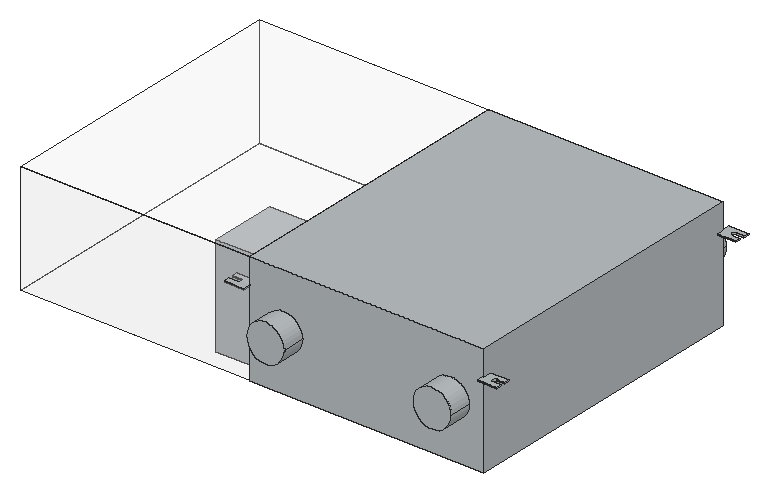
Revit family "lgh-n15_100rxw2_rxv2(d)_60Hz", category 機械設備, Revit 2019
Family settings
  丸型コネクタ寸法 = 直径を使用
  パーツ タイプ = 標準
  OmniClass 番号 = 23.75.10.34.21
  OmniClass タイトル = Heat Exchangers for Ventilation Air
  作業面ベース = いいえ
  常に垂直 = はい
  ロード時にボイドで切り取り = いいえ
  共有 = いいえ
  部屋計算ポイント = はい
Parameters (values of type "LGH-N15RXW2_100V")
  騒音レベル(dB(A)) = 31
  風量 = SMAX風量  # 150.0 m³/h
  面風速 = 5.31 m/s
  電源種別 [instance] = "一般"
  電圧 = 100 V
  電動機出力 = 0 W
  集中コントローラ = ""
  運転質量 = 0.00 kg
  連動 [instance] = ""
  質量 = if(製品質量 > 運転質量, 製品質量, 運転質量) * 1.2  # 26.40 kg
  負荷分類 = 3_ファン類
  説明 = "業務用ロスナイ 天井埋込形 DCマイコン"
  設計風量 = SMAX風量  # 150.0 m³/h
  設置方法 = "天井吊(隠ぺい)形"
  記号 [instance] = ""
  製造元 = "MITSIBISHI ELECTRIC"
  製品質量 = 22.00 kg
  製品出荷対象 = "国内"
  製品リリース年月 = "2023/5/15"
  製品グループ = ""
  系統 [instance] = ""
  符号 = "HEU"
  積算_科目 = "1 空気調和設備"
  積算_拾い区分 [instance] = ""
  相 = 1
  盤記号 [instance] = ""
  発停方法 [instance] = ""
  特殊仕様 [instance] = ""
  点検口高さ = -Height  # -290 mm
  点検口離隔 = 150 mm
  点検口_Depth = 450 mm
  点検口 = yes
  火災停止 [instance] = ""
  温度交換効率 = 74.00%
  消費電力 = 85 W
  法定耐用年数 = "15"
  機外静圧_排気 = SMAX静圧  # 210.0 Pa
  機外静圧 = SMAX静圧  # 210.0 Pa
  極数 = 2
  材質 [instance] = ""
  本体マテリアル = 溶融亜鉛めっき鋼板
  操作・制御方式 = ""
  操作・制御スイッチ = ""
  排気量 = SMAX風量  # 150.0 m³/h
  形式 = "天井埋込ダクト形"
  幹線記号 [instance] = ""
  対象室 [instance] = ""
  実風量 = SMAX風量  # 150.0 m³/h
  始動方式 [instance] = "直入"
  天吊金具_径 = 13 mm
  天吊金具_幅 = 20 mm
  外気量 = SMAX風量  # 150.0 m³/h
  呼称 = "全熱交換ユニット"
  周波数 = 60 Hz
  天吊金具ピッチ2 = 780 mm
  天吊金具ピッチ1 = 670 mm
  天吊金具_高さ = 65 mm
  参照している仕様書等のバージョン = "公共建築物標準仕様書（機械設備工事編）平成31年度版"
  初期抵抗 = 0.0 Pa
  分類コード = "50052504100070"
  分類グループ = ""
  価格 = 360000
  企業コード = "108420"
  付属品_フィルター_還気 = ""
  付属品_フィルター = ""
  付属品 [instance] = ""
  仕様書バージョン = "Version1.0"
  モデル = "LGH-N15RXW2"
  メンテナンススペース = yes
  ダクト径 = 100 mm
  コメント [instance] = ""
  Keynote = ""
  エンタルピ交換効率_暖房 = 75.50%
  エンタルピ交換効率_冷房 = 64.50%
  Assembly Code = ""
  Width = 610 mm
  Version = ""
  Uniclass2015Version = "Systems v1.9"
  Uniclass2015Title = "Thermal wheels"
  Uniclass2015Code = "Pr_60_60_36_88"
  URL = "https://www.mitsubishielectric.co.jp/ldg/wink/qr/002/324415/"
  SpecificationReference = ""
  SpecificationDescription = ""
  SMAX風量 = 150.0 m³/h
  SMAX静圧 = 210.0 Pa
  SAサイズ_D = 97.5 mm
  Revision = ""
  RAサイズ_D = 97.5 mm
  ProductInformation = ""
  OmniClassCode = "23-27 23 19 11"
  OAダクト接続口方向_標準 = yes
  OAダクト接続口方向_変更 = not(OAダクト接続口方向_標準)  # no
  OAサイズ_W = 0 mm
  OAサイズ_D = 97.5 mm
  MIN風量 = 66.0 m³/h
  MIN静圧 = 35.0 Pa
  MID風量 = 108.0 m³/h
  MID静圧 = 93.0 Pa
  MAX風量 = 150.0 m³/h
  MAX静圧 = 180.0 Pa
  IfcTypeProduct = ""
  IfcProduct = ""
  IfcExportType = "ROTARYWHEEL"
  IfcExportAs = "IfcAirToAirHeatRecoveryType"
  Height = 290 mm
  EAダクト接続口方向_変更 = not(EAダクト接続口方向_標準)  # no
  EAダクト接続口方向_標準 = yes
  EAサイズ_W = 0 mm
  EAサイズ_D = 97.5 mm
  Duct_Pitch = 435 mm
  Duct_Height = 145 mm
  Duct_Depth = 59 mm
  DuctChange_Center = 118 mm
  Depth = 780 mm
  Clearance Top = 0 mm
  Clearance Left = 600 mm
  Clearance Bottom = 0 mm
  Box_Width = 175 mm
  Box_Height = 261 mm
  Box_H = 15 mm
  Box_Depth = 115 mm
  Box_W = 33 mm
  Author = "MITSUBISHI ELECTRIC"
Types (14, lengths in mm): name | 騒音レベル(dB(A)) | 風量 | 面風速 | 電圧 | 質量 | 設計風量 | 製品質量 | 点検口高さ | 温度交換効率 | 消費電力 | 機外静圧_排気 | 機外静圧 | 極数 | 排気量 | 実風量 | 外気量 | 天吊金具ピッチ2 | 天吊金具ピッチ1 | 天吊金具_高さ | 参照している仕様書等のバージョン | 価格 | モデル | ダクト径 | エンタルピ交換効率_暖房 | エンタルピ交換効率_冷房 | Width | URL | SMAX風量 | SMAX静圧 | SAサイズ_D | RAサイズ_D | OAサイズ_D | MIN風量 | MIN静圧 | MID風量 | MID静圧 | MAX風量 | MAX静圧 | Height | EAサイズ_D | Duct_Pitch | Duct_Height | Duct_Depth | DuctChange_Center | Depth | Box_H | Box_W
  LGH-N15RXW2_100V | 31 | 150.0 m³/h | 5.31 m/s | 100 V | 26.40 kg | 150.0 m³/h | 22.00 kg | -290 | 74.00% | 85 W | 210.0 Pa | 210.0 Pa | 2 | 150.0 m³/h | 150.0 m³/h | 150.0 m³/h | 780 | 670 | 65 | "公共建築物標準仕様書（機械設備工事編）平成31年度版" | 360000 | "LGH-N15RXW2" | 100 | 75.50% | 64.50% | 610 | "https://www.mitsubishielectric.co.jp/ldg/wink/qr/002/324415/" | 150.0 m³/h | 210.0 Pa | 97.5 | 97.5 | 97.5 | 66.0 m³/h | 35.0 Pa | 108.0 m³/h | 93.0 Pa | 150.0 m³/h | 180.0 Pa | 290 | 97.5 | 435 | 145 | 59 | 118 | 780 | 15 | 33
  LGH-N15RXW2_200V | 31 | 150.0 m³/h | 5.31 m/s | 200 V | 26.40 kg | 150.0 m³/h | 22.00 kg | -290 | 74.00% | 85 W | 210.0 Pa | 210.0 Pa | 3 | 150.0 m³/h | 150.0 m³/h | 150.0 m³/h | 780 | 670 | 65 | "公共建築物標準仕様書（機械設備工事編）平成31年度版" | 360000 | "LGH-N15RXW2" | 100 | 75.50% | 64.50% | 610 | "https://www.mitsubishielectric.co.jp/ldg/wink/qr/002/324415/" | 150.0 m³/h | 210.0 Pa | 97.5 | 97.5 | 97.5 | 66.0 m³/h | 35.0 Pa | 108.0 m³/h | 93.0 Pa | 150.0 m³/h | 180.0 Pa | 290 | 97.5 | 435 | 145 | 59 | 118 | 780 | 15 | 33
  LGH-N25RXW2_100V | 30 | 250.0 m³/h | 3.93 m/s | 100 V | 27.60 kg | 250.0 m³/h | 23.00 kg | -290 | 70.00% | 110 W | 170.0 Pa | 170.0 Pa | 2 | 250.0 m³/h | 250.0 m³/h | 250.0 m³/h | 780 | 795 | 65 | "公共建築物標準仕様書（機械設備工事編）平成31年度版" | 392000 | "LGH-N25RXW2" | 150 | 73.00% | 63.00% | 735 | "https://www.mitsubishielectric.co.jp/ldg/wink/qr/002/324417/" | 250.0 m³/h | 170.0 Pa | 142 | 142 | 142 | 110.0 m³/h | 28.0 Pa | 180.0 m³/h | 75.0 Pa | 250.0 m³/h | 145.0 Pa | 290 | 142 | 520 | 145 | 69 | 118 | 780 | 15 | 33
  LGH-N25RXW2_200V | 30 | 250.0 m³/h | 3.93 m/s | 200 V | 27.60 kg | 250.0 m³/h | 23.00 kg | -290 | 70.00% | 110 W | 170.0 Pa | 170.0 Pa | 3 | 250.0 m³/h | 250.0 m³/h | 250.0 m³/h | 780 | 795 | 65 | "公共建築物標準仕様書（機械設備工事編）平成31年度版" | 392000 | "LGH-N25RXW2" | 150 | 73.00% | 63.00% | 735 | "https://www.mitsubishielectric.co.jp/ldg/wink/qr/002/324417/" | 250.0 m³/h | 170.0 Pa | 142 | 142 | 142 | 110.0 m³/h | 28.0 Pa | 180.0 m³/h | 75.0 Pa | 250.0 m³/h | 145.0 Pa | 290 | 142 | 520 | 145 | 69 | 118 | 780 | 15 | 33
  LGH-N35RXW2_100V | 33 | 350.0 m³/h | 5.5 m/s | 100 V | 38.40 kg | 350.0 m³/h | 32.00 kg | -330 | 71.50% | 210 W | 300.0 Pa | 300.0 Pa | 2 | 350.0 m³/h | 350.0 m³/h | 350.0 m³/h | 890 | 935 | 70 | "公共建築物標準仕様書（機械設備工事編）平成31年度版" | 432000 | "LGH-N35RXW2" | 150 | 74.50% | 65.50% | 875 | "https://www.mitsubishielectric.co.jp/ldg/wink/qr/002/324418/" | 350.0 m³/h | 300.0 Pa | 142 | 142 | 142 | 154.0 m³/h | 36.0 Pa | 252.0 m³/h | 96.0 Pa | 350.0 m³/h | 185.0 Pa | 330 | 142 | 600 | 165 | 69 | 140 | 890 | 23 | 68
  LGH-N35RXW2_200V | 33 | 350.0 m³/h | 5.5 m/s | 200 V | 38.40 kg | 350.0 m³/h | 32.00 kg | -330 | 71.50% | 210 W | 300.0 Pa | 300.0 Pa | 3 | 350.0 m³/h | 350.0 m³/h | 350.0 m³/h | 890 | 935 | 70 | "公共建築物標準仕様書（機械設備工事編）平成31年度版" | 432000 | "LGH-N35RXW2" | 150 | 74.50% | 65.50% | 875 | "https://www.mitsubishielectric.co.jp/ldg/wink/qr/002/324418/" | 350.0 m³/h | 300.0 Pa | 142 | 142 | 142 | 154.0 m³/h | 36.0 Pa | 252.0 m³/h | 96.0 Pa | 350.0 m³/h | 185.0 Pa | 330 | 142 | 600 | 165 | 69 | 140 | 890 | 23 | 68
  LGH-N50RXW2_100V | 37 | 500.0 m³/h | 4.42 m/s | 100 V | 43.20 kg | 500.0 m³/h | 36.00 kg | -330 | 71.00% | 315 W | 310.0 Pa | 310.0 Pa | 2 | 500.0 m³/h | 500.0 m³/h | 500.0 m³/h | 890 | 1080 | 70 | "公共建築物標準仕様書（機械設備工事編）平成31年度版" | 512000 | "LGH-N50RXW2" | 200 | 73.00% | 63.00% | 1020 | "https://www.mitsubishielectric.co.jp/ldg/wink/qr/002/324419/" | 500.0 m³/h | 310.0 Pa | 192 | 192 | 192 | 220.0 m³/h | 37.0 Pa | 360.0 m³/h | 98.0 Pa | 500.0 m³/h | 190.0 Pa | 330 | 192 | 700 | 165 | 84 | 130 | 890 | 23 | 68
  LGH-N50RXW2_200V | 37 | 500.0 m³/h | 4.42 m/s | 200 V | 43.20 kg | 500.0 m³/h | 36.00 kg | -330 | 71.00% | 315 W | 310.0 Pa | 310.0 Pa | 3 | 500.0 m³/h | 500.0 m³/h | 500.0 m³/h | 890 | 1080 | 70 | "公共建築物標準仕様書（機械設備工事編）平成31年度版" | 512000 | "LGH-N50RXW2" | 200 | 73.00% | 63.00% | 1020 | "https://www.mitsubishielectric.co.jp/ldg/wink/qr/002/324419/" | 500.0 m³/h | 310.0 Pa | 192 | 192 | 192 | 220.0 m³/h | 37.0 Pa | 360.0 m³/h | 98.0 Pa | 500.0 m³/h | 190.0 Pa | 330 | 192 | 700 | 165 | 84 | 130 | 890 | 23 | 68
  LGH-N65RXW2_100V | 40 | 650.0 m³/h | 5.75 m/s | 100 V | 50.40 kg | 650.0 m³/h | 42.00 kg | -404 | 71.50% | 445 W | 320.0 Pa | 320.0 Pa | 2 | 650.0 m³/h | 650.0 m³/h | 650.0 m³/h | 984 | 952 | 76 | "公共建築物標準仕様書（機械設備工事編）平成31年度版" | 588000 | "LGH-N65RXW2" | 200 | 72.00% | 63.00% | 892 | "https://www.mitsubishielectric.co.jp/ldg/wink/qr/002/324420/" | 650.0 m³/h | 320.0 Pa | 192 | 192 | 192 | 286.0 m³/h | 45.0 Pa | 468.0 m³/h | 119.0 Pa | 650.0 m³/h | 230.0 Pa | 404 | 192 | 620 | 202 | 84 | 122 | 984 | 57 | 71
  LGH-N65RXW2_200V | 40 | 650.0 m³/h | 5.75 m/s | 200 V | 50.40 kg | 650.0 m³/h | 42.00 kg | -404 | 71.50% | 445 W | 320.0 Pa | 320.0 Pa | 3 | 650.0 m³/h | 650.0 m³/h | 650.0 m³/h | 984 | 952 | 76 | "公共建築物標準仕様書（機械設備工事編）平成31年度版" | 588000 | "LGH-N65RXW2" | 200 | 72.00% | 63.00% | 892 | "https://www.mitsubishielectric.co.jp/ldg/wink/qr/002/324420/" | 650.0 m³/h | 320.0 Pa | 192 | 192 | 192 | 286.0 m³/h | 45.0 Pa | 468.0 m³/h | 119.0 Pa | 650.0 m³/h | 230.0 Pa | 404 | 192 | 620 | 202 | 84 | 122 | 984 | 57 | 71
  LGH-N80RXV2 | 40 | 800.0 m³/h | 4.53 m/s | 100 V | 62.40 kg | 800.0 m³/h | 52.00 kg | -404 | 73.00% | 540 W | 310.0 Pa | 310.0 Pa | 2 | 800.0 m³/h | 800.0 m³/h | 800.0 m³/h | 1144 | 1064 | 76 | "公共建築物標準仕様書（機械設備工事編）平成31年度版" | 700000 | "LGH-N80RXV2" | 250 | 75.00% | 65.00% | 1004 | "https://www.mitsubishielectric.co.jp/ldg/wink/qr/002/324421/" | 800.0 m³/h | 310.0 Pa | 242 | 242 | 242 | 352.0 m³/h | 37.0 Pa | 576.0 m³/h | 98.0 Pa | 800.0 m³/h | 190.0 Pa | 404 | 242 | 690 | 202 | 84 | 165 | 1144 | 88 | 146
  LGH-N80RXV2D | 40 | 800.0 m³/h | 4.53 m/s | 200 V | 62.40 kg | 800.0 m³/h | 52.00 kg | -404 | 73.00% | 540 W | 310.0 Pa | 310.0 Pa | 3 | 800.0 m³/h | 800.0 m³/h | 800.0 m³/h | 1144 | 1064 | 76 | "公共建築物標準仕様書（機械設備工事編）平成31年度版" | 700000 | "LGH-N80RXV2D" | 250 | 75.00% | 65.00% | 1004 | "https://www.mitsubishielectric.co.jp/ldg/wink/qr/002/324422/" | 800.0 m³/h | 310.0 Pa | 242 | 242 | 242 | 352.0 m³/h | 37.0 Pa | 576.0 m³/h | 98.0 Pa | 800.0 m³/h | 190.0 Pa | 404 | 242 | 690 | 202 | 84 | 165 | 1144 | 88 | 146
  LGH-N100RXV2 | 38 | 1000.0 m³/h | 5.66 m/s | 100 V | 68.40 kg | 1000.0 m³/h | 57.00 kg | -404 | 73.00% | 580 W | 225.0 Pa | 225.0 Pa | 2 | 1000.0 m³/h | 1000.0 m³/h | 1000.0 m³/h | 1144 | 1291 | 76 | "" | 799000 | "LGH-N100RXV2" | 250 | 75.00% | 65.00% | 1231 | "https://www.mitsubishielectric.co.jp/ldg/wink/qr/002/324412/" | 1000.0 m³/h | 225.0 Pa | 242 | 242 | 242 | 440.0 m³/h | 32.0 Pa | 720.0 m³/h | 86.0 Pa | 1000.0 m³/h | 165.0 Pa | 404 | 242 | 917 | 202 | 84 | 165 | 1144 | 88 | 146
  LGH-N100RXV2D | 38 | 1000.0 m³/h | 5.66 m/s | 200 V | 68.40 kg | 1000.0 m³/h | 57.00 kg | -404 | 73.00% | 580 W | 225.0 Pa | 225.0 Pa | 3 | 1000.0 m³/h | 1000.0 m³/h | 1000.0 m³/h | 1144 | 1291 | 76 | "" | 799000 | "LGH-N100RXV2D" | 250 | 75.00% | 65.00% | 1231 | "https://www.mitsubishielectric.co.jp/ldg/wink/qr/002/324413/" | 1000.0 m³/h | 225.0 Pa | 242 | 242 | 242 | 440.0 m³/h | 32.0 Pa | 720.0 m³/h | 86.0 Pa | 1000.0 m³/h | 165.0 Pa | 404 | 242 | 917 | 202 | 84 | 165 | 1144 | 88 | 146
Reference planes
  plane 1 "中心(正面/背面)": y = 0
  plane 2: z = 0
  plane 3 "中心(左/右)": x = 0
  plane 4: x = -305
  plane 5: x = 305
  plane 6: y = 390
  plane 7: y = -390
  plane 8: z = -290
  plane 9: z = -145
  plane 10: x = -217.5
  plane 11: x = 217.5
  plane 12: y = -449
  plane 13: y = 449
  plane 14: y = 272
  plane 15: x = -364
  plane 16: x = 364
  plane 17: x = -905
  plane 18: y = -357
  plane 19: y = -182
  plane 20: z = -15
  plane 21: z = -276
  plane 22: x = -420
  plane 23: x = -455
  plane 24: y = 225
  plane 25: x = -335
  plane 26: x = 335
  plane 27: y = 390
  plane 28: y = -390
  plane 29: y = -225
  plane 30: x = -355
  plane 31: y = 410
  plane 32: y = 370
  plane 33: y = -370
  plane 34: y = -410
  plane 35: z = -5
  plane 36: z = -65
  plane 37: z = -68
  plane 38: x = 355
  plane 39: z = -290
  plane 40: z = 0
Forms (mm)
  Extrusion 1, solid, material "溶融亜鉛めっき鋼板" <- "本体マテリアル", detail levels fine
    sketch origin (0, 0, 0) x (1, 0, 0) y (0, 1, 0)
      loop
        line (-305, 390) -> (-305, -390) -> (305, -390) -> (305, 390) -> (-305, 390)
    from 0 to -290
  Extrusion 2, solid, material "溶融亜鉛めっき鋼板" <- "本体マテリアル", detail levels fine
    sketch origin (510, -445, 0) x (-1, 0, 0) y (0, 0, -1)
      loop
        circle (292.5, 145) r 48.75
    from -55 to 4
  Extrusion 3, solid, material "溶融亜鉛めっき鋼板" <- "本体マテリアル", detail levels fine
    sketch origin (-305, -390, 0) x (0, 1, 0) y (0, 0, -1)
      loop
        line (208, 15) -> (208, 276) -> (33, 276) -> (33, 15) -> (208, 15)
    from 0 to 115
  Extrusion 4, solid, material "溶融亜鉛めっき鋼板" <- "本体マテリアル", detail levels fine
    sketch origin (0, 0, 0) x (1, 0, 0) y (0, 1, 0)
      loop
        line (-355, 410) -> (-355, 396.5) -> (-335, 396.5)
        arc (-335, 396.5) -> (-328.5, 390) -> (-335, 383.5) r 6.5
        line (-335, 383.5) -> (-355, 383.5) -> (-355, 370) -> (-305, 370) -> (-305, 410) -> (-355, 410)
    from -65 to -68
  Extrusion 5, solid, material "溶融亜鉛めっき鋼板" <- "本体マテリアル", detail levels fine
    sketch origin (0, 0, 0) x (1, 0, 0) y (0, 1, 0)
      loop
        line (-355, -410) -> (-305, -410) -> (-305, -370) -> (-355, -370) -> (-355, -383.5) -> (-335, -383.5)
        arc (-335, -383.5) -> (-328.5, -390) -> (-335, -396.5) r 6.5
        line (-335, -396.5) -> (-355, -396.5) -> (-355, -410)
    from -65 to -68
  Extrusion 6, solid, material "溶融亜鉛めっき鋼板" <- "本体マテリアル", detail levels fine
    sketch origin (0, 0, 0) x (-1, 0, 0) y (0, -1, 0)
      loop
        line (-355, 410) -> (-355, 396.5) -> (-335, 396.5)
        arc (-335, 396.5) -> (-328.5, 390) -> (-335, 383.5) r 6.5
        line (-335, 383.5) -> (-355, 383.5) -> (-355, 370) -> (-305, 370) -> (-305, 410) -> (-355, 410)
    from -65 to -68
  Extrusion 7, solid, material "溶融亜鉛めっき鋼板" <- "本体マテリアル", detail levels fine
    sketch origin (0, 0, 0) x (-1, 0, 0) y (0, -1, 0)
      loop
        line (-355, -410) -> (-305, -410) -> (-305, -370) -> (-355, -370) -> (-355, -383.5) -> (-335, -383.5)
        arc (-335, -383.5) -> (-328.5, -390) -> (-335, -396.5) r 6.5
        line (-335, -396.5) -> (-355, -396.5) -> (-355, -410)
    from -65 to -68
  Extrusion 8, solid, material "溶融亜鉛めっき鋼板" <- "本体マテリアル", visible <- "EAダクト接続口方向_標準", detail levels fine
    sketch origin (510, 445, 0) x (-1, 0, 0) y (0, 0, 1)
      loop
        circle (292.5, -145) r 48.75
    from -55 to 4
  Extrusion 9, solid, material "溶融亜鉛めっき鋼板" <- "本体マテリアル", visible <- "OAダクト接続口方向_標準", detail levels fine
    sketch origin (-510, 445, 0) x (1, 0, 0) y (0, 0, -1)
      loop
        circle (292.5, 145) r 48.75
    from -55 to 4
  Extrusion 10, solid, material "溶融亜鉛めっき鋼板" <- "本体マテリアル", detail levels fine
    sketch origin (-510, -445, 0) x (1, 0, 0) y (0, 0, 1)
      loop
        circle (292.5, -145) r 48.75
    from -55 to 4
  Extrusion 11, solid, material "溶融亜鉛めっき鋼板" <- "本体マテリアル", visible <- "EAダクト接続口方向_変更", detail levels fine
    sketch origin (0, 0, 0) x (0, 1, 0) y (0, 0, 1)
      loop
        circle (272, -145) r 48.75
    from 305 to 364
  Extrusion 12, solid, material "溶融亜鉛めっき鋼板" <- "本体マテリアル", visible <- "OAダクト接続口方向_変更", detail levels fine
    sketch origin (0, 0, 0) x (0, 1, 0) y (0, 0, -1)
      loop
        circle (272, 145) r 48.75
    from 305 to 364
Lines and regions (mm)
  Masking region 1, detail levels coarse+medium
    outline origin (1326.5, 29, 0) x (1, 0, 0) y (0, 1, 0)
      loop
        line (-1631.5, 361) -> (-1631.5, -419) -> (-1021.5, -419) -> (-1021.5, 361) -> (-1631.5, 361)
  symbolic lines, detail levels coarse+medium
    curve 1: line (0, 390, 0) -> (-305, 0, 0)
    curve 2: line (-305, 0, 0) -> (0, -390, 0)
    curve 3: line (0, -390, 0) -> (305, 0, 0)
    curve 4: line (305, 0, 0) -> (0, 390, 0)
Dimensions and locks
  equal spacing: plane 4, plane 3 "中心(左/右)", plane 5
  "Width": plane 4 to plane 5
  equal spacing: plane 6, plane 1 "中心(正面/背面)", plane 7
  "Depth": plane 6 to plane 7
  "Height": level to plane 8
  "Duct_Height": level to plane 9
  equal spacing: plane 11, plane 3 "中心(左/右)", plane 10
  "Duct_Pitch": plane 11 to plane 10
  "Duct_Depth": plane 13 to plane 6
  "Duct_Depth": plane 7 to plane 12
  "DuctChange_Center": plane 6 to plane 14
  "Duct_Depth": plane 5 to plane 16
  "Duct_Depth": plane 15 to plane 4
  "Clearance Left": plane 17 to plane 4
  "Box_H": level to plane 20
  "Box_Height": plane 20 to plane 21
  "Box_W": plane 18 to plane 7
  "Box_Width": plane 19 to plane 18
  "Box_Depth": plane 22 to plane 4
  "点検口離隔": plane 23 to plane 4
  equal spacing: plane 25, plane 3 "中心(左/右)", plane 26
  "天吊金具ピッチ1": plane 25 to plane 26
  equal spacing: plane 27, plane 1 "中心(正面/背面)", plane 28
  "天吊金具ピッチ2": plane 27 to plane 28
  equal spacing: plane 24, plane 1 "中心(正面/背面)", plane 29
  "点検口_Depth": plane 24 to plane 29
  equal spacing: plane 31, plane 27, plane 32
  locked: plane 31 to plane 32 at 40
  "天吊金具_幅": plane 30 to plane 25
  "天吊金具_高さ": level to plane 36
  locked: plane 36 to plane 37 at 3
  equal spacing: plane 33, plane 28, plane 34
  locked: plane 33 to plane 34 at 40
  "天吊金具_幅": plane 26 to plane 38
  "Clearance Bottom": plane 8 to plane 39
  "Clearance Top": plane 40 to level
  "RAサイズ_D": diameter of Extrusion 2 sketch curve
  "EAサイズ_D": diameter of Extrusion 8 sketch curve
  "OAサイズ_D": diameter of Extrusion 9 sketch curve
  "SAサイズ_D": diameter of Extrusion 10 sketch curve
  "EAサイズ_D": diameter of Extrusion 11 sketch curve
  "EAサイズ_D": diameter of Extrusion 12 sketch curve
  "天吊金具_径": diameter of Extrusion 5 sketch curve
  "天吊金具_径": diameter of Extrusion 6 sketch curve
  "天吊金具_径": diameter of Extrusion 7 sketch curve
  "天吊金具_径": diameter of Extrusion 4 sketch curve
  aligned and locked: level to plane 2
  aligned and locked: Extrusion 1 to plane 8
  aligned and locked: plane 7 to Extrusion 2
  aligned and locked: Extrusion 2 to plane 12
  aligned and locked: plane 17 to nested 1
  aligned and locked: plane 4 to nested 1
  aligned and locked: nested 1 to plane 6
  aligned and locked: nested 1 to plane 7
  aligned and locked: Extrusion 3 to plane 22
  aligned and locked: plane 4 to Extrusion 3
  aligned and locked: Masking region 1 to plane 4
  aligned and locked: plane 5 to Masking region 1
  aligned and locked: plane 6 to Masking region 1
  aligned and locked: Masking region 1 to plane 7
  aligned and locked: plane 26 to nested 2
  aligned and locked: plane 25 to nested 2
  aligned and locked: nested 2 to plane 28
  aligned and locked: plane 27 to nested 2
  aligned and locked: Extrusion 3 to plane 19
  aligned and locked: Extrusion 3 to plane 21
  aligned and locked: plane 20 to Extrusion 3
  aligned and locked: plane 18 to Extrusion 3
  aligned and locked: plane 23 to nested 3
  aligned and locked: plane 17 to nested 3
  aligned and locked: plane 24 to nested 3
  aligned and locked: nested 3 to plane 29
  aligned and locked: plane 4 to Extrusion 4
  aligned and locked: Extrusion 4 to plane 30  (x2)
  aligned and locked: plane 31 to Extrusion 4
  aligned and locked: Extrusion 4 to plane 36
  aligned and locked: Extrusion 4 to plane 37
  aligned and locked: plane 4 to Extrusion 5
  aligned and locked: plane 33 to Extrusion 5
  aligned and locked: Extrusion 5 to plane 34
  aligned and locked: Extrusion 5 to plane 30  (x2)
  aligned and locked: Extrusion 5 to Extrusion 4  (x2)
  aligned and locked: Extrusion 7 to plane 38  (x2)
  aligned and locked: Extrusion 7 to plane 32
  aligned and locked: plane 31 to Extrusion 7
  aligned and locked: Extrusion 6 to plane 38
  aligned and locked: Extrusion 6 to plane 34
  aligned and locked: Extrusion 6 to plane 5
  aligned and locked: plane 33 to Extrusion 6
  aligned and locked: Extrusion 6 to plane 37
  aligned and locked: plane 36 to Extrusion 6
  aligned and locked: Extrusion 7 to plane 37
  aligned and locked: plane 36 to Extrusion 7
  aligned and locked: plane 13 to Extrusion 8
  aligned and locked: Extrusion 8 to plane 6
  aligned and locked: plane 13 to Extrusion 9
  aligned and locked: Extrusion 9 to plane 6
  aligned and locked: Extrusion 10 to plane 12
  aligned and locked: plane 7 to Extrusion 10
  aligned and locked: plane 16 to Extrusion 11
  aligned and locked: Extrusion 11 to plane 5
  aligned and locked: plane 4 to Extrusion 12
  aligned and locked: Extrusion 12 to plane 15
  aligned and locked: plane 39 to nested 1
  aligned and locked: plane 40 to nested 1
Automatic sketch dimensions
  plane 1 "中心(正面/背面)" to curve 1 = 0 mm
  curve 1 to plane 4 = 0 mm
  curve 2 to plane 3 "中心(左/右)" = 0 mm
  curve 4 to plane 3 "中心(左/右)" = 0 mm
  plane 1 "中心(正面/背面)" to curve 4 = 0 mm
  curve 4 to plane 5 = 0 mm
  curve 2 to plane 7 = 0 mm
  curve 4 to plane 6 = 0 mm
  Extrusion 1 sketch curve to plane 4 = 0 mm
  Extrusion 1 sketch curve to plane 5 = 0 mm
  Extrusion 1 sketch curve to plane 7 = 0 mm
  Extrusion 1 sketch curve to plane 6 = 0 mm
  Extrusion 2 sketch curve to plane 9 = 0 mm
  Extrusion 2 sketch curve to plane 11 = 0 mm
  Extrusion 3 sketch curve to Extrusion 1 = 33 mm
  Extrusion 1 to Extrusion 3 sketch curve = 14 mm
  Extrusion 3 sketch curve to Extrusion 3 sketch curve = 175 mm
  Extrusion 1 to Extrusion 3 sketch curve = 15 mm
  Masking region 1 sketch curve to plane 4 = 0 mm
  Masking region 1 sketch curve to plane 5 = 0 mm
  Masking region 1 sketch curve to plane 7 = 0 mm
  Masking region 1 sketch curve to plane 6 = 0 mm
  Extrusion 8 sketch curve to plane 9 = 0 mm
  Extrusion 8 sketch curve to plane 11 = 0 mm
  Extrusion 9 sketch curve to plane 9 = 0 mm
  Extrusion 9 sketch curve to plane 10 = 0 mm
  Extrusion 10 sketch curve to plane 9 = 0 mm
  Extrusion 10 sketch curve to plane 10 = 0 mm
  Extrusion 11 sketch curve to plane 9 = 0 mm
  Extrusion 11 sketch curve to plane 14 = 0 mm
  Extrusion 12 sketch curve to plane 9 = 0 mm
  Extrusion 12 sketch curve to plane 14 = 0 mm
  Extrusion 4 sketch curve to plane 30 = 0 mm  (x2)
  Extrusion 4 sketch curve to plane 25 = 0 mm
  Extrusion 4 sketch curve to plane 4 = 0 mm
  Extrusion 4 sketch curve to plane 32 = 0 mm
  Extrusion 4 sketch curve to plane 6 = 0 mm
  Extrusion 4 sketch curve to plane 31 = 0 mm
  Extrusion 5 sketch curve to plane 30 = 0 mm  (x2)
  Extrusion 5 sketch curve to plane 25 = 0 mm
  Extrusion 5 sketch curve to plane 4 = 0 mm
  Extrusion 5 sketch curve to plane 33 = 0 mm
  Extrusion 5 sketch curve to plane 7 = 0 mm
  Extrusion 5 sketch curve to plane 34 = 0 mm
  Extrusion 6 sketch curve to plane 34 = 0 mm
  Extrusion 6 sketch curve to plane 38 = 0 mm  (x2)
  Extrusion 6 sketch curve to plane 26 = 0 mm
  Extrusion 6 sketch curve to plane 5 = 0 mm
  Extrusion 6 sketch curve to plane 33 = 0 mm
  Extrusion 6 sketch curve to plane 7 = 0 mm
  Extrusion 7 sketch curve to plane 31 = 0 mm
  Extrusion 7 sketch curve to plane 38 = 0 mm  (x2)
  Extrusion 7 sketch curve to plane 26 = 0 mm
  Extrusion 7 sketch curve to plane 5 = 0 mm
  Extrusion 7 sketch curve to plane 32 = 0 mm
  Extrusion 7 sketch curve to plane 6 = 0 mm
Nested families
  nested 1: "メンテナンススペース" at (-605, 0, -145), visible <- "メンテナンススペース", type "メンテナンススペース"
    with Width 600 mm, Height 290 mm, Depth 780 mm
  nested 2: "固定点" at (-335, -390, 0), type "固定点"
    with W 670 mm, D 780 mm
  nested 3: "点検口設置範囲" at (-680, 0, -290), built-in parameter 1001364 <- "点検口高さ", visible <- "点検口", type "点検口設置範囲"
    with Width 450 mm, Depth 450 mm
Connectors
  hvac at (217.5, -449, -145), driven by "ダクト径", driven by "機外静圧", driven by "風量"
    settings: on Extrusion 2, index 2, duct flow 150.0 m³/h, flow factor 0, pres drop 210.0 Pa, loss coef 0, conn angle 0.00°, conn width 304.8 mm, conn height 304.8 mm, conn diameter 100 mm, duct sys type 2, conn prof type 0, flow config 0, flow direction 1, loss method 4, conn ref index -1, conn util no, is conn primary yes, conn desc ""
  electrical at (-362.5, -357, -145.5), driven by "負荷分類", driven by "相", driven by "電圧", driven by "消費電力"
    settings: on Extrusion 3, index 7, voltage 100 V, apparent load 85 VA, apparent load phase1 0 VA, apparent load phase2 0 VA, apparent load phase3 0 VA, power factor 1, load classification "3_ファン類", number of poles 1, system type 30, power factor state 1, is connector primary yes, connector utility no, sub classification motor no, connector description ""
  hvac at (217.5, 449, -145), driven by "ダクト径", driven by "排気量", driven by "機外静圧_排気"
    settings: on Extrusion 8, index 8, duct flow 150.0 m³/h, flow factor 0, pres drop 210.0 Pa, loss coef 0, conn angle 0.00°, conn width 304.8 mm, conn height 304.8 mm, conn diameter 100 mm, duct sys type 3, conn prof type 0, flow config 0, flow direction 2, loss method 4, conn ref index -1, conn util no, is conn primary no, conn desc ""
  hvac at (-217.5, 449, -145), driven by "ダクト径", driven by "外気量", driven by "機外静圧"
    settings: on Extrusion 9, index 9, duct flow 150.0 m³/h, flow factor 0, pres drop 210.0 Pa, loss coef 0, conn angle 0.00°, conn width 304.8 mm, conn height 304.8 mm, conn diameter 100 mm, duct sys type 4, conn prof type 0, flow config 0, flow direction 1, loss method 4, conn ref index -1, conn util no, is conn primary no, conn desc ""
  hvac at (-217.5, -449, -145), driven by "ダクト径", driven by "風量", driven by "機外静圧"
    settings: on Extrusion 10, index 10, duct flow 150.0 m³/h, flow factor 0, pres drop 210.0 Pa, loss coef 0, conn angle 0.00°, conn width 304.8 mm, conn height 304.8 mm, conn diameter 100 mm, duct sys type 1, conn prof type 0, flow config 0, flow direction 2, loss method 4, conn ref index -1, conn util no, is conn primary no, conn desc ""
  hvac at (364, 272, -145), driven by "ダクト径", driven by "機外静圧_排気", driven by "排気量"
    settings: on Extrusion 11, index 11, duct flow 150.0 m³/h, flow factor 0, pres drop 210.0 Pa, loss coef 0, conn angle 0.00°, conn width 304.8 mm, conn height 304.8 mm, conn diameter 100 mm, duct sys type 3, conn prof type 0, flow config 0, flow direction 2, loss method 4, conn ref index -1, conn util no, is conn primary no, conn desc ""
  hvac at (-364, 272, -145), driven by "ダクト径", driven by "機外静圧", driven by "外気量"
    settings: on Extrusion 12, index 12, duct flow 150.0 m³/h, flow factor 0, pres drop 210.0 Pa, loss coef 0, conn angle 0.00°, conn width 304.8 mm, conn height 304.8 mm, conn diameter 100 mm, duct sys type 4, conn prof type 0, flow config 0, flow direction 1, loss method 4, conn ref index -1, conn util no, is conn primary no, conn desc ""
Definition of nested family "メンテナンススペース"
  Parameters (values of type "メンテナンススペース")
    Width [instance] = 500 mm
    Height [instance] = 500 mm
    Depth [instance] = 500 mm
  Reference planes
    plane 1 "中心(正面/背面)": y = 0
    plane 2: z = 0
    plane 3 "中心(左/右)": x = 0
    plane 4: y = -250
    plane 5: x = 250
    plane 6: y = 250
    plane 7: x = -250
    plane 8: z = 250
    plane 9: z = -250
  Forms (mm)
    Extrusion 1, solid
      sketch origin (-638.939, 0, 72.39) x (1, 0, 0) y (0, 1, 0)
        loop
          line (388.939, 250) -> (388.939, -250) -> (888.939, -250) -> (888.939, 250) -> (388.939, 250)
      from -322.39 to 177.61
  Lines and regions (mm)
    symbolic lines
      curve 1: line (-250, 0, 250) -> (250, 0, 250)
      curve 2: line (-250, 0, -250) -> (-250, 0, 250)
      curve 3: line (250, 0, -250) -> (-250, 0, -250)
      curve 4: line (250, 0, 250) -> (250, 0, -250)
      curve 5: line (0, -250, 250) -> (0, 250, 250)
      curve 6: line (0, -250, -250) -> (0, -250, 250)
      curve 7: line (0, 250, -250) -> (0, -250, -250)
      curve 8: line (0, 250, 250) -> (0, 250, -250)
      curve 9: line (-250, 250, 0) -> (250, 250, 0)
      curve 10: line (-250, -250, 0) -> (-250, 250, 0)
      curve 11: line (250, -250, 0) -> (-250, -250, 0)
      curve 12: line (250, 250, 0) -> (250, -250, 0)
  Dimensions and locks
    equal spacing: plane 7, plane 3 "中心(左/右)", plane 5
    equal spacing: plane 4, plane 1 "中心(正面/背面)", plane 6
    "Depth": plane 4 to plane 6
    "Width": plane 7 to plane 5
    equal spacing: plane 8, plane 2, plane 9
    "Height": plane 8 to plane 9
    aligned and locked: plane 9 to curve 3
    aligned and locked: plane 7 to curve 2
    aligned and locked: curve 4 to plane 5
    aligned and locked: plane 5 to Extrusion 1
    aligned and locked: Extrusion 1 to plane 7
    aligned and locked: Extrusion 1 to plane 9
    aligned and locked: plane 8 to Extrusion 1
    aligned and locked: plane 9 to curve 7
  Automatic sketch dimensions
    plane 4 to Extrusion 1 sketch curve = 0 mm
    Extrusion 1 sketch curve to plane 7 = 0 mm
    Extrusion 1 sketch curve to plane 5 = 0 mm
    plane 6 to Extrusion 1 sketch curve = 0 mm
    curve 2 to plane 8 = 0 mm
    plane 4 to curve 11 = 0 mm
    curve 11 to plane 7 = 0 mm
    curve 11 to plane 5 = 0 mm
    plane 6 to curve 10 = 0 mm
    curve 7 to plane 4 = 0 mm
    curve 7 to plane 6 = 0 mm
    curve 6 to plane 8 = 0 mm
Definition of nested family "固定点"
  Parameters (values of type "固定点")
    中心円 = 20 mm
    W [instance] = 1000 mm
    D [instance] = 1000 mm
  Reference planes
    plane 1 "中心(正面/背面)": y = 0
    plane 2: z = 0
    plane 3 "中心(左/右)": x = 0
    plane 4: x = 1000
    plane 5: y = 1000
  Lines and regions (mm)
    symbolic lines, detail levels fine
      curve 1: circle (0, 1000, 0) r 10 normal (0, 0, 1)
      curve 2: circle (0, 0, 0) r 10 normal (0, 0, 1)
      curve 3: circle (1000, 1000, 0) r 10 normal (0, 0, 1)
      curve 4: circle (1000, 0, 0) r 10 normal (0, 0, 1)
      curve 5: line (-200, 1000, 0) -> (1200, 1000, 0)
      curve 6: line (-200, 0, 0) -> (1200, 0, 0)
      curve 7: line (0, 1200, 0) -> (0, -200, 0)
      curve 8: line (1000, 1200, 0) -> (1000, -200, 0)
  Dimensions and locks
    "W": plane 3 "中心(左/右)" to plane 4
    "D": plane 1 "中心(正面/背面)" to plane 5
    "中心円": diameter of curve 1
    "中心円": diameter of curve 2
    "中心円": diameter of curve 3
    "中心円": diameter of curve 4
    aligned and locked: level to plane 2
    aligned and locked: plane 5 to curve 1
    aligned and locked: plane 3 "中心(左/右)" to curve 1
    aligned and locked: plane 3 "中心(左/右)" to curve 2
    aligned and locked: plane 1 "中心(正面/背面)" to curve 2
    aligned and locked: plane 4 to curve 3
    aligned and locked: plane 5 to curve 3
    aligned and locked: plane 1 "中心(正面/背面)" to curve 4
    aligned and locked: plane 4 to curve 4
    aligned and locked: plane 1 "中心(正面/背面)" to curve 6
    aligned and locked: curve 7 to plane 3 "中心(左/右)"
    aligned and locked: curve 8 to plane 4
  Automatic sketch dimensions
    curve 5 to plane 5 = 0 mm
    curve 6 to plane 3 "中心(左/右)" = 200 mm
    curve 5 to plane 3 "中心(左/右)" = 200 mm
    curve 4 to curve 6 = 200 mm
    curve 3 to curve 5 = 200 mm
    plane 1 "中心(正面/背面)" to curve 8 = 200 mm
    plane 1 "中心(正面/背面)" to curve 7 = 200 mm
    curve 3 to curve 8 = 200 mm
    curve 1 to curve 7 = 200 mm
Definition of nested family "点検口設置範囲"
  Parameters (values of type "点検口設置範囲")
    Width [instance] = 1000 mm
    Depth [instance] = 700 mm
  Reference planes
    plane 1 "中心(正面/背面)": y = 0
    plane 2: z = 0
    plane 3 "中心(左/右)": x = 0
    plane 4: x = -500
    plane 5: x = 500
    plane 6: y = -350
    plane 7: y = 350
  Lines and regions (mm)
    model lines
      curve 1: line (-500, 350, 0) -> (500, 350, 0)
      curve 2: line (-500, -350, 0) -> (-500, 350, 0)
      curve 3: line (500, -350, 0) -> (-500, -350, 0)
      curve 4: line (500, 350, 0) -> (500, -350, 0)
  Dimensions and locks
    "Depth": plane 7 to plane 6
    "Width": plane 4 to plane 5
    equal spacing: plane 7, plane 1 "中心(正面/背面)", plane 6
    equal spacing: plane 4, plane 3 "中心(左/右)", plane 5
    aligned and locked: level to plane 2
    aligned and locked: plane 4 to curve 2
    aligned and locked: curve 1 to plane 7
    aligned and locked: curve 4 to plane 5
    aligned and locked: plane 6 to curve 3
